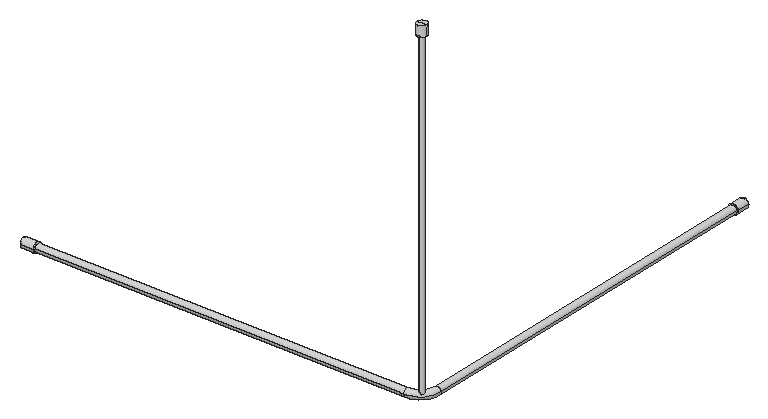
Revit family "CurtainRail_90Deg_Nero_MeccaCare_1200mm", category Specialty Equipment, Revit 2022
Family settings
  Round Connector Dimension = Use Diameter
  Part Type = Normal
  OmniClass Number = 23.31.17.31
  OmniClass Title = Shower Rods
  Work Plane-Based = No
  Always vertical = Yes
  Cut with Voids When Loaded = Yes
  Maintain Annotation Orientation = No
  Shared = No
  Room Calculation Point = No
Parameters (values of type "Chrome (NRCR0006CH)")
  Uniclass2015Version = "Products v1.35"
  Uniclass2015Title = "Shower curtain rails"
  Uniclass2015Code = "Pr_40_30_20_77"
  URL = "https://nerotapware.com.au/"
  Type Comments = "Curtain Rail - 90 Deg - 1200mm - Chrome"
  ModifiedIssue = 20251105
  Model = "NRCR0006CH"
  ManufacturerURLProductSpecific = "https://nerotapware.com.au/product/mecca-care-curtain-rail-1200x1200mm-90-degree-chrome-nrcr0006ch/"
  ManufacturerSpecCode = "NRCR0006CH"
  ManufacturerOverallWidth = 1211 mm  # constant formula
  ManufacturerOverallHeight = 1011 mm  # constant formula
  ManufacturerOverallDepth = 1211 mm  # constant formula
  Manufacturer = "Nero"
  IfcExportType = "USERDEFINED"
  IfcExportAs = "IfcFurnitureType"
  Description = "Mecca Care Curtain Rail 1200x1200mm 90 Degree Chrome"
  Default Elevation = 2700 mm
  CreatedByURL = "https://igsgroup.com.au"
  CreatedBy = "IGS BIM Solutions"  # constant formula
  Material = Metal_Chrome_Nero
  Assembly Code = "C1030210"
Types (6, lengths in mm): name | Uniclass2015Version | Type Comments | Model | ManufacturerURLProductSpecific | ManufacturerSpecCode | Description | Default Elevation | Material | Assembly Code
  Gunmetal (NRCR0006GM) | "Products v1.35" | "Curtain Rail - 90 Deg - 1200mm - Gunmetal" | "NRCR0006GM" | "https://nerotapware.com.au/product/mecca-care-curtain-rail-1200x1200mm-90-degree-gun-metal-nrcr0006gm/" | "NRCR0006GM" | "Mecca Care Curtain Rail 1200x1200mm 90 Degree Gun Metal" | 1050 | Metal_GunMetal_Nero | "C1030210"
  Brushed Nickel (NRCR0006BN) | "Products v1.39" | "Curtain Rail - 90 Deg - 1200mm - Brushed Nickel" | "NRCR0006BN" | "https://nerotapware.com.au/product/mecca-care-curtain-rail-1200x1200mm-90-degree-brushed-nickel-nrcr0006bn/" | "NRCR0006BN" | "Mecca Care Curtain Rail 1200x1200mm 90 Degree Brushed Nickel" | 1050 | Metal_Nickel_Nero_Brushed | "C1030210"
  Brushed Gold (NRCR0006BG) | "Products v1.38" | "Curtain Rail - 90 Deg - 1200mm - Brushed Gold" | "NRCR0006BG" | "https://nerotapware.com.au/product/mecca-care-curtain-rail-1200x1200mm-90-degree-brushed-gold-nrcr0006bg/" | "NRCR0006BG" | "Mecca Care Curtain Rail 1200x1200mm 90 Degree Brushed Gold" | 1050 | Metal_Gold_Nero_Brushed | "C1030210"
  Brushed Bronze (NRCR0006BZ) | "Products v1.37" | "Curtain Rail - 90 Deg - 1200mm - Brushed Bronze" | "NRCR0006BZ" | "https://nerotapware.com.au/product/mecca-care-curtain-rail-1200x1200mm-90-degree-brushed-bronze-nrcr0006bz/" | "NRCR0006BZ" | "Mecca Care Curtain Rail 1200x1200mm 90 Degree Brushed Bronze" | 1050 | Metal_Bronze_Nero_Brushed | "C1030210"
  Matte Black (NRCR0006MB) | "Products v1.36" | "Curtain Rail - 90 Deg - 1200mm - Matte Black" | "NRCR0006MB" | "https://nerotapware.com.au/product/mecca-care-curtain-rail-1200x1200mm-90-degree-matte-black-nrcr0006mb/" | "NRCR0006MB" | "Mecca Care Curtain Rail 1200x1200mm 90 Degree Matte Black" | 1050 | Metal_MatteBlack_Nero | "F1040"
  Chrome (NRCR0006CH) | "Products v1.35" | "Curtain Rail - 90 Deg - 1200mm - Chrome" | "NRCR0006CH" | "https://nerotapware.com.au/product/mecca-care-curtain-rail-1200x1200mm-90-degree-chrome-nrcr0006ch/" | "NRCR0006CH" | "Mecca Care Curtain Rail 1200x1200mm 90 Degree Chrome" | 2700 | Metal_Chrome_Nero | "C1030210"
Reference planes
  plane 1 "CurtainRailCenter": z = -996.7
  plane 2 "Back": y = 202.5
  plane 3 "Front": y = -1008.5
  plane 4 "Center (Left/Right)": x = 88.5
  plane 5 "Left": x = -517
  plane 6 "Right": x = 694
  plane 7 "Top": z = -0.008
  plane 8 "Bottom": z = -1011
Forms (mm)
  Extrusion 1, solid, material "Metal_Chrome_Nero" <- "Material"
    sketch origin (0, 0, -0.008) x (0, -1, 0) y (1, 0, 0)
      loop
        circle (982.811, 665.064) r 7
    from -1000.013 to -30.014
  Revolve 2, solid, material "Metal_Chrome_Nero" <- "Material"
    sketch origin (0, -982, 449.992) x (0, 0, -1) y (-1, 0, 0)
      loop
        line (450, -650.72) -> (450, -665.02) -> (480, -665.02) -> (480, -652.72)
        arc (480, -652.72) -> (479.414, -651.306) -> (478, -650.72) r 2
        line (478, -650.72) -> (450, -650.72)
      axis (480, -665.02) -> (450, -665.02)
    angle from 0 to 360
  Revolve 3, solid, material "Metal_Chrome_Nero" <- "Material"
    sketch origin (0, 60, -996.7) x (1, 0, 0) y (0, 1, 0)
      loop
        line (679.698, 102.5) -> (679.698, 142.5) -> (665.948, 142.5)
        arc (665.948, 142.5) -> (665.594, 142.354) -> (665.448, 142) r 0.5
        line (665.448, 142) -> (665.448, 103)
        arc (665.448, 103) -> (665.594, 102.646) -> (665.948, 102.5) r 0.5
        line (665.948, 102.5) -> (679.698, 102.5)
      axis (679.698, 142.5) -> (679.698, 102.5)
    angle from 0 to 360
  Sweep 4, solid, material "Metal_Chrome_Nero" <- "Material"
    path origin (0, 0, -996.7) x (0, -1, 0) y (1, 0, 0)
      loop
        line (-162.5, 679.698) -> (944.335, 679.698)
        arc (944.335, 679.698) -> (979.69, 665.053) -> (994.335, 629.698) r 50
        line (994.335, 629.698) -> (994.335, -477.053)
    profile origin (679.698, -390.917, -996.7) x (1, 0, 0) y (0, 0, 1)
      loop
        circle (0, 0) r 11
  Revolve 5, solid, material "Metal_Chrome_Nero" <- "Material"
    sketch origin (-371.927, -1674.14, -996.7) x (0, 1, 0) y (-1, 0, 0)
      loop
        line (679.94, 105.073) -> (679.94, 145.073) -> (666.14, 145.073)
        arc (666.14, 145.073) -> (665.786, 144.926) -> (665.64, 144.573) r 0.5
        line (665.64, 144.573) -> (665.64, 105.573)
        arc (665.64, 105.573) -> (665.786, 105.219) -> (666.14, 105.073) r 0.5
        line (666.14, 105.073) -> (679.94, 105.073)
      axis (679.94, 145.073) -> (679.94, 105.073)
    angle from 0 to 360
Cuts and joins
  joined: Extrusion 1, Revolve 2, Sweep 4
Lines and regions (mm)
  Masking region 1
    outline origin (0, 0, -0.008) x (0, -1, 0) y (1, 0, 0)
      loop
        line (980.403, -517) -> (1008, -517)
        arc (1008, -517) -> (1008.354, -516.854) -> (1008.5, -516.5) r 0.5
        line (1008.5, -516.5) -> (1008.5, -477.5)
        arc (1008.5, -477.5) -> (1008.354, -477.146) -> (1008, -477) r 0.5
        line (1008, -477) -> (1005.335, -477) -> (1005.335, 628.685)
        arc (1005.335, 628.685) -> (1002.925, 645.803) -> (995.883, 661.59) r 62
        arc (995.883, 661.59) -> (992.421, 674.813) -> (979.439, 679.089) r 14.3
        arc (979.439, 679.089) -> (962.295, 687.715) -> (943.335, 690.685) r 62
        line (943.335, 690.685) -> (-162.5, 690.685) -> (-162.5, 693.5)
        arc (-162.5, 693.5) -> (-162.646, 693.854) -> (-163, 694) r 0.5
        line (-163, 694) -> (-202, 694)
        arc (-202, 694) -> (-202.354, 693.854) -> (-202.5, 693.5) r 0.5
        line (-202.5, 693.5) -> (-202.5, 665.903)
        arc (-202.5, 665.903) -> (-202.354, 665.55) -> (-202, 665.403) r 0.5
        line (-202, 665.403) -> (-163, 665.403)
        arc (-163, 665.403) -> (-162.646, 665.55) -> (-162.5, 665.903) r 0.5
        line (-162.5, 665.903) -> (-162.5, 668.685) -> (943.34, 668.685)
        arc (943.34, 668.685) -> (956.861, 666.331) -> (968.79, 659.545) r 40
        arc (968.79, 659.545) -> (971.58, 655.227) -> (975.717, 652.174) r 14.3
        arc (975.717, 652.174) -> (981.386, 641.033) -> (983.34, 628.685) r 40
        line (983.34, 628.685) -> (983.34, -477) -> (980.403, -477)
        arc (980.403, -477) -> (980.05, -477.146) -> (979.903, -477.5) r 0.5
        line (979.903, -477.5) -> (979.903, -516.5)
        arc (979.903, -516.5) -> (980.05, -516.854) -> (980.403, -517) r 0.5
  symbolic lines, style "Bathroom Fixtures", detail levels medium+fine
    curve 1: line (-477, -983.34, -0.008) -> (-477, -1005.335, -0.008)
    curve 2: line (668.685, 162.5, -0.008) -> (690.685, 162.5, -0.008)
    curve 3: arc (652.174, -975.717, -0.008) -> (656.08, -972.487, -0.008) -> (659.545, -968.79, -0.008) r 39.993
    curve 4: arc (661.59, -995.883, -0.008) -> (671.147, -988.52, -0.008) -> (679.089, -979.439, -0.008) r 61.747
  symbolic lines
    curve 5: arc (679.698, -1008.5, -985.7) -> (690.698, -1008.5, -996.7) -> (679.698, -1008.5, -1007.7) r 11
Text (mm)
  text "Disclaimer:\nDue to ongoing product development and manufacturing \nevolution, product details are subject to change without \nnotice. Please refer to product technical data sheets on \nthe manufacturers website for the most current product \ninformation. Please allow a +/- 5mm manufacturing \ntolerance for dimensions and set-outs shown in product \nliterature." at (952.984, -208.239, 0), in view "Ref. Level"
Dimensions and locks
  "ManufacturerOverallDepth": plane 2 "Back" to plane 3 "Front"
  "ManufacturerOverallWidth": plane 5 "Left" to plane 6 "Right"
  "ManufacturerOverallHeight": level to plane 8 "Bottom"
Automatic sketch dimensions
  plane 3 "Front" to Extrusion 1 sketch curve = 25.689 mm
  plane 6 "Right" to Extrusion 1 sketch curve = 28.936 mm
  Revolve 2 sketch curve to plane 7 "Top" = 0 mm  (x2)
  Revolve 2 sketch curve to Revolve 2 sketch curve = 28 mm
  Revolve 2 sketch curve to Revolve 2 sketch curve = 2 mm
  plane 6 "Right" to Revolve 2 sketch curve = 28.98 mm  (x2)
  Revolve 2 sketch curve to Revolve 2 sketch curve = 12.3 mm
  level to Revolve 2 sketch curve = 454.992 mm
  Revolve 3 sketch curve to plane 2 "Back" = 0 mm
  Revolve 3 sketch curve to plane 2 "Back" = 0.5 mm
  plane 6 "Right" to Revolve 3 sketch curve = 28.552 mm
  Revolve 3 sketch curve to Revolve 3 sketch curve = 0.5 mm
  Revolve 3 sketch curve to Revolve 3 sketch curve = 13.75 mm
  Revolve 3 sketch curve to Revolve 3 sketch curve = 39 mm
  Revolve 3 sketch curve to Revolve 3 sketch curve = 0 mm  (x2)
  Revolve 3 sketch curve to Revolve 3 sketch curve = 8.704 mm
  plane 3 "Front" to Sweep 4 sketch curve = 64.165 mm
  plane 3 "Front" to Sweep 4 sketch curve = 14.165 mm
  plane 6 "Right" to Sweep 4 sketch curve = 64.302 mm
  Sweep 4 sketch curve to plane 2 "Back" = 40 mm
  plane 5 "Left" to Sweep 4 sketch curve = 39.947 mm
  profile plane to Sweep 4 sketch curve = 0 mm
  Sweep 4 sketch curve to profile plane = 0 mm
  Revolve 5 sketch curve to plane 3 "Front" = 0 mm
  Revolve 5 sketch curve to plane 5 "Left" = 0 mm
  plane 3 "Front" to Revolve 5 sketch curve = 0.5 mm
  Revolve 5 sketch curve to Revolve 5 sketch curve = 0.5 mm
  Revolve 5 sketch curve to Revolve 5 sketch curve = 13.8 mm
  Revolve 5 sketch curve to Revolve 5 sketch curve = 39 mm
  Revolve 5 sketch curve to Revolve 5 sketch curve = 0 mm
  Revolve 5 sketch curve to Revolve 5 sketch curve = 2.573 mm
  Revolve 5 sketch curve to Revolve 5 sketch curve = 8.704 mm
  Masking region 1 sketch curve to Masking region 1 sketch curve = 0 mm  (x8)
  Masking region 1 sketch curve to plane 2 "Back" = 0 mm
  Masking region 1 sketch curve to plane 6 "Right" = 0 mm
  Masking region 1 sketch curve to plane 5 "Left" = 0 mm
  Masking region 1 sketch curve to plane 3 "Front" = 0 mm
  Masking region 1 sketch curve to plane 2 "Back" = 0.5 mm  (x2)
  Masking region 1 sketch curve to Masking region 1 sketch curve = 39 mm  (x2)
  Masking region 1 sketch curve to Masking region 1 sketch curve = 0.5 mm  (x4)
  plane 6 "Right" to Masking region 1 sketch curve = 3.315 mm
  plane 3 "Front" to Masking region 1 sketch curve = 65.165 mm
  Masking region 1 sketch curve to Masking region 1 sketch curve = 0.005 mm
  plane 5 "Left" to Masking region 1 sketch curve = 0.5 mm
  plane 3 "Front" to Masking region 1 sketch curve = 28.597 mm
  plane 3 "Front" to Masking region 1 sketch curve = 26.5 mm
  plane 3 "Front" to Masking region 1 sketch curve = 25.16 mm
  plane 3 "Front" to Masking region 1 sketch curve = 3.165 mm
  plane 3 "Front" to Masking region 1 sketch curve = 0.5 mm  (x2)
  plane 6 "Right" to Masking region 1 sketch curve = 65.315 mm
  plane 6 "Right" to Masking region 1 sketch curve = 28.98 mm
  Masking region 1 sketch curve to Masking region 1 sketch curve = 25.282 mm
  Masking region 1 sketch curve to Masking region 1 sketch curve = 2.782 mm
  Masking region 1 sketch curve to Masking region 1 sketch curve = 13.21 mm
  Masking region 1 sketch curve to Masking region 1 sketch curve = 2.561 mm
  plane 3 "Front" to curve 3 = 65.155 mm
  curve 3 to curve 4 = 0.177 mm
  plane 6 "Right" to curve 3 = 65.31 mm
  curve 3 to curve 4 = 0.171 mm
  curve 2 to plane 2 "Back" = 40 mm
  plane 3 "Front" to curve 3 = 39.71 mm
  curve 3 to curve 3 = 6.927 mm
  curve 3 to curve 4 = 10.649 mm
  plane 3 "Front" to curve 1 = 25.16 mm
  plane 3 "Front" to curve 4 = 12.617 mm
  plane 3 "Front" to curve 1 = 3.165 mm
  plane 5 "Left" to curve 1 = 40 mm
  curve 4 to curve 3 = 23.313 mm
  curve 3 to curve 4 = 9.416 mm
  plane 6 "Right" to curve 2 = 25.315 mm
  plane 6 "Right" to curve 2 = 3.315 mm
  curve 5 to plane 1 "CurtainRailCenter" = 0 mm
  curve 5 to plane 6 "Right" = 14.302 mm
  plane 8 "Bottom" to curve 5 = 3.3 mm
  radius of Extrusion 1 sketch curve = 7 mm
  radius of Sweep 4 sketch curve = 11 mm
